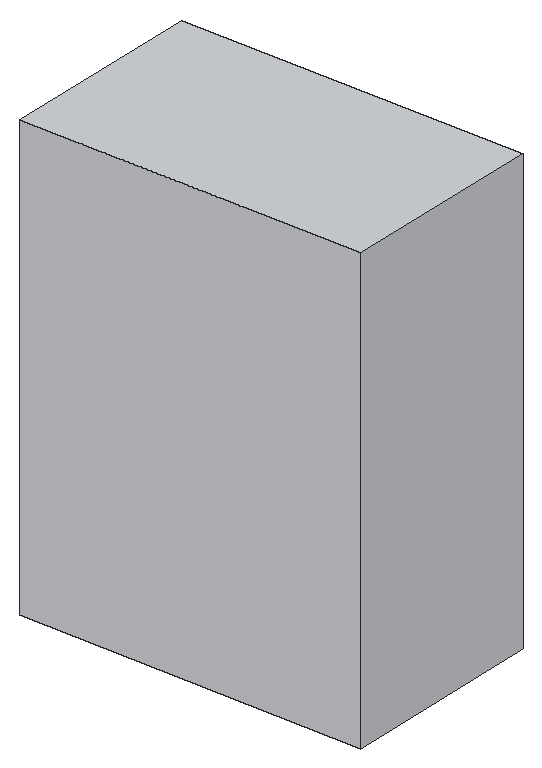
Revit family
Parameters
  Warranty Duration (Years) = 0
  Unit Width [instance] = 2' - 0"
  Unit Height [instance] = 0' - 9 99/256"
  Unit Depth = 0' - 0"
  URL = "http://www.americanspecialties.com/viewCategories.cfm"
  Trim Material = Metal - Stainless Steel w/satin
  Test Data = ""
  Specification = "http://www.arcat.com/sdspecs/htm/10810asi.htm"
  SpecWizard = ""
  Send Message = "http://www.arcat.com/users.pl?action=UserEmail&company=American%20Specialties,%20Inc.&coid=30448&rep=139&fax=914-476-0688&mf="
  Sales Information = "http://www.americanspecialties.com/contact"
  Revision = "R1_10-2010"
  Product Properties = "http://www.americanspecialties.com/datasheets/1653.pdf"
  Product Data = "http://www.arcat.com/arcatcos/cos30/arc30448.html"
  Model = "As Specified in 10 28 13"
  Manufacturer Website = "http://www.americanspecialties.com/viewCategories.cfm"
  Manufacturer Phone - Toll Free = ""
  Manufacturer Phone = "914-476-9000 "
  Manufacturer Fax = "914-476-0688"
  Manufacturer Address = "441 Saw Mill River Rd., Yonkers, NY 10701"
  Manufacturer = "American Specialties, Inc."
  Maintenance Schedule (Months) = 0
  Keynote = "10 28 13"
  Installation-Fabrication = "http://www.americanspecialties.com/products.cfm"
  Green Building-LEED = ""
  Expected Lifespan (Years) = 0
  Drawn By = "Robert S. Weygant. CSI, CDT, SCIP"  # constant formula
  Description = "Toilet Accessory as Specified in 10 28 13"
  Default Elevation = 4' - 0"
  Copyright = "©Arcat Inc."
  Construction Details = "http://www.arcat.com/green/clients/leed_data_30448.html"
  Building Codes = "http://www.americanspecialties.com/products.cfm"
  Body Material = Metal - Stainless Steel w/satin
  Assembly Code = "C1030210"
Reference planes (in)
  plane 1 "Center (Front/Back)": y = -0.29112
  plane 2 "Floor Line": z = 0
  plane 3 "Center (Left/Right)": x = -0.65843
  plane 4: z = 52.69336
  plane 5: x = -12.65843
  plane 6: x = 11.34157
  plane 7: z = 48
  plane 8: z = 57.38672
Forms (in)
  Extrusion 1, solid
    sketch origin (-3, -9, -6) x (0, 0, -1) y (1, 0, 0)
      loop
        line (-82, 31.34157) -> (-82, -26.99487) -> (-6, -26.99487) -> (-6, 31.34157) -> (-82, 31.34157)
    from 9 to -25.60721
  Extrusion 2, solid, material "Metal - Stainless Steel w/satin" <- "Body Material"
    sketch origin (0, 0, 0) x (1, 0, 0) y (0, 1, 0)
      loop
        circle (-12.65843, -0.29112) r 1.5
      loop
        circle (11.34157, -0.29112) r 1.5
      loop
        circle (-12.08812, 0.69669) r 0.125
      loop
        circle (-13.79906, -0.29112) r 0.125
      loop
        circle (-12.08812, -1.27893) r 0.125
      loop
        circle (10.77125, 0.69669) r 0.125
      loop
        circle (12.48219, -0.29112) r 0.125
      loop
        circle (10.77125, -1.27893) r 0.125
    from 0 to 0.25
  Sweep 3, solid, material "Metal - Stainless Steel w/satin" <- "Body Material"
    path origin (0, -0.29112, 0) x (1, 0, 0) y (0, 0, 1)
      loop
        line (-12.65843, 0.25) -> (-12.65843, 0.75)
        arc (-12.65843, 0.75) -> (-12.21909, 1.81066) -> (-11.15843, 2.25) r 1.5
        line (-11.15843, 2.25) -> (9.84157, 2.25)
        arc (9.84157, 2.25) -> (10.90223, 1.81066) -> (11.34157, 0.75) r 1.5
        line (11.34157, 0.75) -> (11.34157, 0.25)
    profile origin (-12.65843, -0.29112, 0.5) x (-1, 0, 0) y (0, -1, 0)
      loop
        circle (0, 0) r 0.75
  Extrusion 4, solid, material "Metal - Stainless Steel w/satin" <- "Body Material"
    sketch origin (0, 0, 0) x (1, 0, 0) y (0, 1, 0)
      loop
        line (-12.67555, -1.10362) -> (11.35868, -1.10362) -> (11.35868, -1.04112) -> (-12.67555, -1.04112) -> (-12.67555, -1.10362)
    from 0.25 to 2.26533
  Extrusion 5, void
    sketch origin (0, -0.29112, 0) x (1, 0, 0) y (0, 0, 1)
      loop
        line (-12.65843, 0.25) -> (-12.65843, 0.75)
        arc (-12.65843, 0.75) -> (-12.21909, 1.81066) -> (-11.15843, 2.25) r 1.5
        line (-11.15843, 2.25) -> (9.84157, 2.25)
        arc (9.84157, 2.25) -> (10.90223, 1.81066) -> (11.34157, 0.75) r 1.5
        line (11.34157, 0.75) -> (11.34157, 0.25) -> (13.09157, 0.25) -> (13.09157, 4) -> (-14.65843, 4) -> (-14.65843, 0.25) -> (-12.65843, 0.25)
    from 0 to 3.25636
Cuts and joins
  Extrusion 5 cuts Extrusion 2
  Extrusion 5 cuts Extrusion 4
Dimensions and locks (in)
  equal spacing: plane 8, plane 4, plane 7
  equal spacing: plane 6, plane 3 "Center (Left/Right)", plane 5
  "Unit Width": plane 6 to plane 5
  "Unit Height": plane 8 to plane 7
  "Default Elevation": plane 7 to plane 2 "Floor Line"
  aligned and locked: Extrusion 1 to level
  aligned and locked: Extrusion 4 to Extrusion 2
Automatic sketch dimensions
  Extrusion 1 sketch curve to Extrusion 1 sketch curve = 6' - 4"
  Extrusion 1 sketch curve to Extrusion 1 sketch curve = 4' - 10.33643"
  Extrusion 2 sketch curve to plane 1 "Center (Front/Back)" = 0' - 0"  (x4)
  Extrusion 2 sketch curve to plane 5 = 0' - 0"
  Extrusion 2 sketch curve to plane 6 = 0' - 0"
  Extrusion 2 sketch curve to Extrusion 2 sketch curve = 0' - 1 9/64"
  plane 5 to Extrusion 2 sketch curve = 0' - 0 73/128"  (x2)
  Extrusion 2 sketch curve to plane 6 = 0' - 0 73/128"  (x2)
  plane 6 to Extrusion 2 sketch curve = 0' - 1 9/64"
  plane 1 "Center (Front/Back)" to Extrusion 2 sketch curve = 0' - 0.98781"  (x2)
  Extrusion 2 sketch curve to plane 1 "Center (Front/Back)" = 0' - 0.98781"  (x2)
  Sweep 3 sketch curve to plane 5 = 0' - 0"
  Sweep 3 sketch curve to plane 6 = 0' - 0"
  plane 5 to Sweep 3 sketch curve = 0' - 1 1/2"
  level to Sweep 3 sketch curve = 0' - 0 3/4"
  Sweep 3 sketch curve to plane 6 = 0' - 1 1/2"
  level to Sweep 3 sketch curve = 0' - 0 1/4"  (x2)
  Sweep 3 sketch curve to plane 1 "Center (Front/Back)" = 0' - 0"
  Sweep 3 sketch curve to profile plane = 0' - 0"
  Extrusion 4 sketch curve to plane 5 = 0' - 0.01712"
  plane 6 to Extrusion 4 sketch curve = 0' - 0.01712"
  plane 1 "Center (Front/Back)" to Extrusion 4 sketch curve = 0' - 0 13/16"
  Extrusion 4 sketch curve to Extrusion 4 sketch curve = 0' - 0 1/16"
  Extrusion 5 sketch curve to plane 5 = 0' - 0"
  Extrusion 5 sketch curve to plane 6 = 0' - 0"
  Extrusion 5 sketch curve to plane 5 = 0' - 2"
  level to Extrusion 5 sketch curve = 0' - 0 3/4"
  Extrusion 5 sketch curve to Extrusion 5 sketch curve = 0' - 1 1/2"
  Extrusion 5 sketch curve to plane 6 = 0' - 1 1/2"
  level to Extrusion 5 sketch curve = 0' - 0 1/4"  (x2)
  Extrusion 5 sketch curve to Extrusion 5 sketch curve = 0' - 1 3/4"
  Extrusion 5 sketch curve to Extrusion 5 sketch curve = 0' - 3 1/4"
  radius of Extrusion 2 sketch curve = 0' - 1 1/2"  (x2)
  radius of Extrusion 2 sketch curve = 0' - 0 1/8"  (x6)
  radius of Sweep 3 sketch curve = 0' - 0 3/4"
